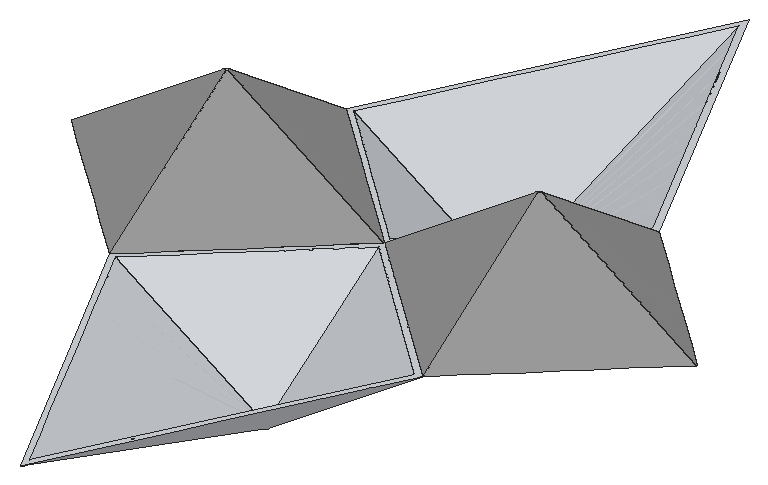
Revit family "CLD-FCT-016_KITE_RTV", category Modelos genéricos, Revit 2022 (continued)
Definition of nested family "CLD-FCT-016_KITE_2_RTV"
  Forms (in)
    Extrusion 208, solid, not visible
      sketch origin (0, 24, 0) x (0, 1, 0) y (0, 0, 1)
        loop
          arc (0.31489, 1.72991) -> (0.32752, 1.69941) -> (0.35803, 1.68677) r 0.04314
          line (0.35803, 1.68677) -> (0.39803, 1.68677)
          arc (0.39803, 1.68677) -> (0.41512, 1.67969) -> (0.42221, 1.66259) r 0.02418
        loop
          arc (0.33294, 1.7291) -> (0.34005, 1.71194) -> (0.35722, 1.70483) r 0.02428
          line (0.35722, 1.70483) -> (0.39815, 1.70483)
          arc (0.39815, 1.70483) -> (0.42797, 1.69248) -> (0.44023, 1.66266) r 0.04217
          arc (0.44023, 1.66266) -> (0.45258, 1.69248) -> (0.4824, 1.70483) r 0.04217
          line (0.4824, 1.70483) -> (0.52333, 1.70483)
          arc (0.52333, 1.70483) -> (0.54049, 1.71194) -> (0.54761, 1.7291) r 0.02428
          line (0.54761, 1.7291) -> (0.54761, 2.15016) -> (0.45704, 2.24072)
          arc (0.45704, 2.24072) -> (0.44027, 2.24767) -> (0.42351, 2.24072) r 0.02371
          line (0.42351, 2.24072) -> (0.33294, 2.15016) -> (0.33294, 1.7291)
      from 0 to 96.9361
    Extrusion 209, solid, not visible
      sketch origin (0, 48, 0) x (0, 1, 0) y (0, 0, 1)
        loop
          line (0.42221, 1.66259) -> (0.42231, 0.67354)
          arc (0.42231, 0.67354) -> (0.41009, 0.64403) -> (0.38057, 0.6318) r 0.04174
          line (0.38057, 0.6318) -> (-0.00639, 0.6318) -> (-0.00639, 0.59057) -> (0.8874, 0.59057) -> (0.8874, 0.6318) -> (0.49998, 0.6318)
          arc (0.49998, 0.6318) -> (0.47046, 0.64403) -> (0.45824, 0.67354) r 0.04174
          line (0.45824, 0.67354) -> (0.45834, 1.66259)
          arc (0.45834, 1.66259) -> (0.46543, 1.67969) -> (0.48252, 1.68677) r 0.02418
          line (0.48252, 1.68677) -> (0.52252, 1.68677)
          arc (0.52252, 1.68677) -> (0.55303, 1.69941) -> (0.56566, 1.72991) r 0.04314
          line (0.56566, 1.72991) -> (0.56566, 2.14095)
          arc (0.56566, 2.14095) -> (0.5626, 2.15637) -> (0.55386, 2.16944) r 0.04029
          line (0.55386, 2.16944) -> (0.47053, 2.25277)
          arc (0.47053, 2.25277) -> (0.44027, 2.2653) -> (0.41002, 2.25277) r 0.04279
          line (0.41002, 2.25277) -> (0.32669, 2.16944)
          arc (0.32669, 2.16944) -> (0.31795, 2.15637) -> (0.31489, 2.14095) r 0.04029
          line (0.31489, 2.14095) -> (0.31489, 1.72991)
          arc (0.31489, 1.72991) -> (0.32752, 1.69941) -> (0.35803, 1.68677) r 0.04314
          line (0.35803, 1.68677) -> (0.39803, 1.68677)
          arc (0.39803, 1.68677) -> (0.41512, 1.67969) -> (0.42221, 1.66259) r 0.02418
        loop
          arc (0.33294, 1.7291) -> (0.34005, 1.71194) -> (0.35722, 1.70483) r 0.02428
          line (0.35722, 1.70483) -> (0.39815, 1.70483)
          arc (0.39815, 1.70483) -> (0.42797, 1.69248) -> (0.44023, 1.66266) r 0.04217
          arc (0.44023, 1.66266) -> (0.45258, 1.69248) -> (0.4824, 1.70483) r 0.04217
          line (0.4824, 1.70483) -> (0.52333, 1.70483)
          arc (0.52333, 1.70483) -> (0.54049, 1.71194) -> (0.54761, 1.7291) r 0.02428
          line (0.54761, 1.7291) -> (0.54761, 2.15016) -> (0.45704, 2.24072)
          arc (0.45704, 2.24072) -> (0.44027, 2.24767) -> (0.42351, 2.24072) r 0.02371
          line (0.42351, 2.24072) -> (0.33294, 2.15016) -> (0.33294, 1.7291)
      from 0 to 96.9361
    Extrusion 210, solid, not visible
      sketch origin (0, 72, 0) x (0, 1, 0) y (0, 0, 1)
        loop
          line (0.42221, 1.66259) -> (0.42231, 0.67354)
          arc (0.42231, 0.67354) -> (0.41009, 0.64403) -> (0.38057, 0.6318) r 0.04174
          line (0.38057, 0.6318) -> (-0.00639, 0.6318) -> (-0.00639, 0.59057) -> (0.8874, 0.59057) -> (0.8874, 0.6318) -> (0.49998, 0.6318)
          arc (0.49998, 0.6318) -> (0.47046, 0.64403) -> (0.45824, 0.67354) r 0.04174
          line (0.45824, 0.67354) -> (0.45834, 1.66259)
          arc (0.45834, 1.66259) -> (0.46543, 1.67969) -> (0.48252, 1.68677) r 0.02418
          line (0.48252, 1.68677) -> (0.52252, 1.68677)
          arc (0.52252, 1.68677) -> (0.55303, 1.69941) -> (0.56566, 1.72991) r 0.04314
          line (0.56566, 1.72991) -> (0.56566, 2.14095)
          arc (0.56566, 2.14095) -> (0.5626, 2.15637) -> (0.55386, 2.16944) r 0.04029
          line (0.55386, 2.16944) -> (0.47053, 2.25277)
          arc (0.47053, 2.25277) -> (0.44027, 2.2653) -> (0.41002, 2.25277) r 0.04279
          line (0.41002, 2.25277) -> (0.32669, 2.16944)
          arc (0.32669, 2.16944) -> (0.31795, 2.15637) -> (0.31489, 2.14095) r 0.04029
          line (0.31489, 2.14095) -> (0.31489, 1.72991)
          arc (0.31489, 1.72991) -> (0.32752, 1.69941) -> (0.35803, 1.68677) r 0.04314
          line (0.35803, 1.68677) -> (0.39803, 1.68677)
          arc (0.39803, 1.68677) -> (0.41512, 1.67969) -> (0.42221, 1.66259) r 0.02418
        loop
          arc (0.33294, 1.7291) -> (0.34005, 1.71194) -> (0.35722, 1.70483) r 0.02428
          line (0.35722, 1.70483) -> (0.39815, 1.70483)
          arc (0.39815, 1.70483) -> (0.42797, 1.69248) -> (0.44023, 1.66266) r 0.04217
          arc (0.44023, 1.66266) -> (0.45258, 1.69248) -> (0.4824, 1.70483) r 0.04217
          line (0.4824, 1.70483) -> (0.52333, 1.70483)
          arc (0.52333, 1.70483) -> (0.54049, 1.71194) -> (0.54761, 1.7291) r 0.02428
          line (0.54761, 1.7291) -> (0.54761, 2.15016) -> (0.45704, 2.24072)
          arc (0.45704, 2.24072) -> (0.44027, 2.24767) -> (0.42351, 2.24072) r 0.02371
          line (0.42351, 2.24072) -> (0.33294, 2.15016) -> (0.33294, 1.7291)
      from 0 to 96.9361
    Extrusion 211, solid, not visible
      sketch origin (0, 96, 0) x (0, 1, 0) y (0, 0, 1)
        loop
          line (0.42221, 1.66259) -> (0.42231, 0.67354)
          arc (0.42231, 0.67354) -> (0.41009, 0.64403) -> (0.38057, 0.6318) r 0.04174
          line (0.38057, 0.6318) -> (-0.00639, 0.6318) -> (-0.00639, 0.59057) -> (0.8874, 0.59057) -> (0.8874, 0.6318) -> (0.49998, 0.6318)
          arc (0.49998, 0.6318) -> (0.47046, 0.64403) -> (0.45824, 0.67354) r 0.04174
          line (0.45824, 0.67354) -> (0.45834, 1.66259)
          arc (0.45834, 1.66259) -> (0.46543, 1.67969) -> (0.48252, 1.68677) r 0.02418
          line (0.48252, 1.68677) -> (0.52252, 1.68677)
          arc (0.52252, 1.68677) -> (0.55303, 1.69941) -> (0.56566, 1.72991) r 0.04314
          line (0.56566, 1.72991) -> (0.56566, 2.14095)
          arc (0.56566, 2.14095) -> (0.5626, 2.15637) -> (0.55386, 2.16944) r 0.04029
          line (0.55386, 2.16944) -> (0.47053, 2.25277)
          arc (0.47053, 2.25277) -> (0.44027, 2.2653) -> (0.41002, 2.25277) r 0.04279
          line (0.41002, 2.25277) -> (0.32669, 2.16944)
          arc (0.32669, 2.16944) -> (0.31795, 2.15637) -> (0.31489, 2.14095) r 0.04029
          line (0.31489, 2.14095) -> (0.31489, 1.72991)
          arc (0.31489, 1.72991) -> (0.32752, 1.69941) -> (0.35803, 1.68677) r 0.04314
          line (0.35803, 1.68677) -> (0.39803, 1.68677)
          arc (0.39803, 1.68677) -> (0.41512, 1.67969) -> (0.42221, 1.66259) r 0.02418
        loop
          arc (0.33294, 1.7291) -> (0.34005, 1.71194) -> (0.35722, 1.70483) r 0.02428
          line (0.35722, 1.70483) -> (0.39815, 1.70483)
          arc (0.39815, 1.70483) -> (0.42797, 1.69248) -> (0.44023, 1.66266) r 0.04217
          arc (0.44023, 1.66266) -> (0.45258, 1.69248) -> (0.4824, 1.70483) r 0.04217
          line (0.4824, 1.70483) -> (0.52333, 1.70483)
          arc (0.52333, 1.70483) -> (0.54049, 1.71194) -> (0.54761, 1.7291) r 0.02428
          line (0.54761, 1.7291) -> (0.54761, 2.15016) -> (0.45704, 2.24072)
          arc (0.45704, 2.24072) -> (0.44027, 2.24767) -> (0.42351, 2.24072) r 0.02371
          line (0.42351, 2.24072) -> (0.33294, 2.15016) -> (0.33294, 1.7291)
      from 0 to 96.9361
    Extrusion 212, solid, not visible
      sketch origin (48.02754, 154.90856, 0) x (1, 0, 0) y (0, 0, 1)
        loop
          line (0.42221, 1.66259) -> (0.42231, 0.67354)
          arc (0.42231, 0.67354) -> (0.41009, 0.64403) -> (0.38057, 0.6318) r 0.04174
          line (0.38057, 0.6318) -> (-0.00639, 0.6318) -> (-0.00639, 0.59057) -> (0.8874, 0.59057) -> (0.8874, 0.6318) -> (0.49998, 0.6318)
          arc (0.49998, 0.6318) -> (0.47046, 0.64403) -> (0.45824, 0.67354) r 0.04174
          line (0.45824, 0.67354) -> (0.45834, 1.66259)
          arc (0.45834, 1.66259) -> (0.46543, 1.67969) -> (0.48252, 1.68677) r 0.02418
          line (0.48252, 1.68677) -> (0.52252, 1.68677)
          arc (0.52252, 1.68677) -> (0.55303, 1.69941) -> (0.56566, 1.72991) r 0.04314
          line (0.56566, 1.72991) -> (0.56566, 2.14095)
          arc (0.56566, 2.14095) -> (0.5626, 2.15637) -> (0.55386, 2.16944) r 0.04029
          line (0.55386, 2.16944) -> (0.47053, 2.25277)
          arc (0.47053, 2.25277) -> (0.44027, 2.2653) -> (0.41002, 2.25277) r 0.04279
          line (0.41002, 2.25277) -> (0.32669, 2.16944)
          arc (0.32669, 2.16944) -> (0.31795, 2.15637) -> (0.31489, 2.14095) r 0.04029
          line (0.31489, 2.14095) -> (0.31489, 1.72991)
          arc (0.31489, 1.72991) -> (0.32752, 1.69941) -> (0.35803, 1.68677) r 0.04314
          line (0.35803, 1.68677) -> (0.39803, 1.68677)
          arc (0.39803, 1.68677) -> (0.41512, 1.67969) -> (0.42221, 1.66259) r 0.02418
        loop
          arc (0.33294, 1.7291) -> (0.34005, 1.71194) -> (0.35722, 1.70483) r 0.02428
          line (0.35722, 1.70483) -> (0.39815, 1.70483)
          arc (0.39815, 1.70483) -> (0.42797, 1.69248) -> (0.44023, 1.66266) r 0.04217
          arc (0.44023, 1.66266) -> (0.45258, 1.69248) -> (0.4824, 1.70483) r 0.04217
          line (0.4824, 1.70483) -> (0.52333, 1.70483)
          arc (0.52333, 1.70483) -> (0.54049, 1.71194) -> (0.54761, 1.7291) r 0.02428
          line (0.54761, 1.7291) -> (0.54761, 2.15016) -> (0.45704, 2.24072)
          arc (0.45704, 2.24072) -> (0.44027, 2.24767) -> (0.42351, 2.24072) r 0.02371
          line (0.42351, 2.24072) -> (0.33294, 2.15016) -> (0.33294, 1.7291)
      from 58.93614 to 81.99864
    Extrusion 213, solid, not visible
      sketch origin (72.02767, 154.90856, 0) x (1, 0, 0) y (0, 0, 1)
        loop
          line (0.42221, 1.66259) -> (0.42231, 0.67354)
          arc (0.42231, 0.67354) -> (0.41009, 0.64403) -> (0.38057, 0.6318) r 0.04174
          line (0.38057, 0.6318) -> (-0.00639, 0.6318) -> (-0.00639, 0.59057) -> (0.8874, 0.59057) -> (0.8874, 0.6318) -> (0.49998, 0.6318)
          arc (0.49998, 0.6318) -> (0.47046, 0.64403) -> (0.45824, 0.67354) r 0.04174
          line (0.45824, 0.67354) -> (0.45834, 1.66259)
          arc (0.45834, 1.66259) -> (0.46543, 1.67969) -> (0.48252, 1.68677) r 0.02418
          line (0.48252, 1.68677) -> (0.52252, 1.68677)
          arc (0.52252, 1.68677) -> (0.55303, 1.69941) -> (0.56566, 1.72991) r 0.04314
          line (0.56566, 1.72991) -> (0.56566, 2.14095)
          arc (0.56566, 2.14095) -> (0.5626, 2.15637) -> (0.55386, 2.16944) r 0.04029
          line (0.55386, 2.16944) -> (0.47053, 2.25277)
          arc (0.47053, 2.25277) -> (0.44027, 2.2653) -> (0.41002, 2.25277) r 0.04279
          line (0.41002, 2.25277) -> (0.32669, 2.16944)
          arc (0.32669, 2.16944) -> (0.31795, 2.15637) -> (0.31489, 2.14095) r 0.04029
          line (0.31489, 2.14095) -> (0.31489, 1.72991)
          arc (0.31489, 1.72991) -> (0.32752, 1.69941) -> (0.35803, 1.68677) r 0.04314
          line (0.35803, 1.68677) -> (0.39803, 1.68677)
          arc (0.39803, 1.68677) -> (0.41512, 1.67969) -> (0.42221, 1.66259) r 0.02418
        loop
          arc (0.33294, 1.7291) -> (0.34005, 1.71194) -> (0.35722, 1.70483) r 0.02428
          line (0.35722, 1.70483) -> (0.39815, 1.70483)
          arc (0.39815, 1.70483) -> (0.42797, 1.69248) -> (0.44023, 1.66266) r 0.04217
          arc (0.44023, 1.66266) -> (0.45258, 1.69248) -> (0.4824, 1.70483) r 0.04217
          line (0.4824, 1.70483) -> (0.52333, 1.70483)
          arc (0.52333, 1.70483) -> (0.54049, 1.71194) -> (0.54761, 1.7291) r 0.02428
          line (0.54761, 1.7291) -> (0.54761, 2.15016) -> (0.45704, 2.24072)
          arc (0.45704, 2.24072) -> (0.44027, 2.24767) -> (0.42351, 2.24072) r 0.02371
          line (0.42351, 2.24072) -> (0.33294, 2.15016) -> (0.33294, 1.7291)
      from 58.93614 to 81.99864
    Extrusion 214, solid, not visible
      sketch origin (96.02767, 154.90856, 0) x (1, 0, 0) y (0, 0, 1)
        loop
          line (0.42221, 1.66259) -> (0.42231, 0.67354)
          arc (0.42231, 0.67354) -> (0.41009, 0.64403) -> (0.38057, 0.6318) r 0.04174
          line (0.38057, 0.6318) -> (-0.00639, 0.6318) -> (-0.00639, 0.59057) -> (0.8874, 0.59057) -> (0.8874, 0.6318) -> (0.49998, 0.6318)
          arc (0.49998, 0.6318) -> (0.47046, 0.64403) -> (0.45824, 0.67354) r 0.04174
          line (0.45824, 0.67354) -> (0.45834, 1.66259)
          arc (0.45834, 1.66259) -> (0.46543, 1.67969) -> (0.48252, 1.68677) r 0.02418
          line (0.48252, 1.68677) -> (0.52252, 1.68677)
          arc (0.52252, 1.68677) -> (0.55303, 1.69941) -> (0.56566, 1.72991) r 0.04314
          line (0.56566, 1.72991) -> (0.56566, 2.14095)
          arc (0.56566, 2.14095) -> (0.5626, 2.15637) -> (0.55386, 2.16944) r 0.04029
          line (0.55386, 2.16944) -> (0.47053, 2.25277)
          arc (0.47053, 2.25277) -> (0.44027, 2.2653) -> (0.41002, 2.25277) r 0.04279
          line (0.41002, 2.25277) -> (0.32669, 2.16944)
          arc (0.32669, 2.16944) -> (0.31795, 2.15637) -> (0.31489, 2.14095) r 0.04029
          line (0.31489, 2.14095) -> (0.31489, 1.72991)
          arc (0.31489, 1.72991) -> (0.32752, 1.69941) -> (0.35803, 1.68677) r 0.04314
          line (0.35803, 1.68677) -> (0.39803, 1.68677)
          arc (0.39803, 1.68677) -> (0.41512, 1.67969) -> (0.42221, 1.66259) r 0.02418
        loop
          arc (0.33294, 1.7291) -> (0.34005, 1.71194) -> (0.35722, 1.70483) r 0.02428
          line (0.35722, 1.70483) -> (0.39815, 1.70483)
          arc (0.39815, 1.70483) -> (0.42797, 1.69248) -> (0.44023, 1.66266) r 0.04217
          arc (0.44023, 1.66266) -> (0.45258, 1.69248) -> (0.4824, 1.70483) r 0.04217
          line (0.4824, 1.70483) -> (0.52333, 1.70483)
          arc (0.52333, 1.70483) -> (0.54049, 1.71194) -> (0.54761, 1.7291) r 0.02428
          line (0.54761, 1.7291) -> (0.54761, 2.15016) -> (0.45704, 2.24072)
          arc (0.45704, 2.24072) -> (0.44027, 2.24767) -> (0.42351, 2.24072) r 0.02371
          line (0.42351, 2.24072) -> (0.33294, 2.15016) -> (0.33294, 1.7291)
      from 58.93614 to 81.99864
    Extrusion 215, solid, not visible
      sketch origin (24.02767, 154.90856, 0) x (1, 0, 0) y (0, 0, 1)
        loop
          line (0.42221, 1.66259) -> (0.42231, 0.67354)
          arc (0.42231, 0.67354) -> (0.41009, 0.64403) -> (0.38057, 0.6318) r 0.04174
          line (0.38057, 0.6318) -> (-0.00639, 0.6318) -> (-0.00639, 0.59057) -> (0.8874, 0.59057) -> (0.8874, 0.6318) -> (0.49998, 0.6318)
          arc (0.49998, 0.6318) -> (0.47046, 0.64403) -> (0.45824, 0.67354) r 0.04174
          line (0.45824, 0.67354) -> (0.45834, 1.66259)
          arc (0.45834, 1.66259) -> (0.46543, 1.67969) -> (0.48252, 1.68677) r 0.02418
          line (0.48252, 1.68677) -> (0.52252, 1.68677)
          arc (0.52252, 1.68677) -> (0.55303, 1.69941) -> (0.56566, 1.72991) r 0.04314
          line (0.56566, 1.72991) -> (0.56566, 2.14095)
          arc (0.56566, 2.14095) -> (0.5626, 2.15637) -> (0.55386, 2.16944) r 0.04029
          line (0.55386, 2.16944) -> (0.47053, 2.25277)
          arc (0.47053, 2.25277) -> (0.44027, 2.2653) -> (0.41002, 2.25277) r 0.04279
          line (0.41002, 2.25277) -> (0.32669, 2.16944)
          arc (0.32669, 2.16944) -> (0.31795, 2.15637) -> (0.31489, 2.14095) r 0.04029
          line (0.31489, 2.14095) -> (0.31489, 1.72991)
          arc (0.31489, 1.72991) -> (0.32752, 1.69941) -> (0.35803, 1.68677) r 0.04314
          line (0.35803, 1.68677) -> (0.39803, 1.68677)
          arc (0.39803, 1.68677) -> (0.41512, 1.67969) -> (0.42221, 1.66259) r 0.02418
        loop
          arc (0.33294, 1.7291) -> (0.34005, 1.71194) -> (0.35722, 1.70483) r 0.02428
          line (0.35722, 1.70483) -> (0.39815, 1.70483)
          arc (0.39815, 1.70483) -> (0.42797, 1.69248) -> (0.44023, 1.66266) r 0.04217
          arc (0.44023, 1.66266) -> (0.45258, 1.69248) -> (0.4824, 1.70483) r 0.04217
          line (0.4824, 1.70483) -> (0.52333, 1.70483)
          arc (0.52333, 1.70483) -> (0.54049, 1.71194) -> (0.54761, 1.7291) r 0.02428
          line (0.54761, 1.7291) -> (0.54761, 2.15016) -> (0.45704, 2.24072)
          arc (0.45704, 2.24072) -> (0.44027, 2.24767) -> (0.42351, 2.24072) r 0.02371
          line (0.42351, 2.24072) -> (0.33294, 2.15016) -> (0.33294, 1.7291)
      from 58.93614 to 81.99864
    Extrusion 216, solid, not visible
      sketch origin (0.02767, 154.90856, 0) x (1, 0, 0) y (0, 0, 1)
        loop
          line (0.42221, 1.66259) -> (0.42231, 0.67354)
          arc (0.42231, 0.67354) -> (0.41009, 0.64403) -> (0.38057, 0.6318) r 0.04174
          line (0.38057, 0.6318) -> (-0.00639, 0.6318) -> (-0.00639, 0.59057) -> (0.8874, 0.59057) -> (0.8874, 0.6318) -> (0.49998, 0.6318)
          arc (0.49998, 0.6318) -> (0.47046, 0.64403) -> (0.45824, 0.67354) r 0.04174
          line (0.45824, 0.67354) -> (0.45834, 1.66259)
          arc (0.45834, 1.66259) -> (0.46543, 1.67969) -> (0.48252, 1.68677) r 0.02418
          line (0.48252, 1.68677) -> (0.52252, 1.68677)
          arc (0.52252, 1.68677) -> (0.55303, 1.69941) -> (0.56566, 1.72991) r 0.04314
          line (0.56566, 1.72991) -> (0.56566, 2.14095)
          arc (0.56566, 2.14095) -> (0.5626, 2.15637) -> (0.55386, 2.16944) r 0.04029
          line (0.55386, 2.16944) -> (0.47053, 2.25277)
          arc (0.47053, 2.25277) -> (0.44027, 2.2653) -> (0.41002, 2.25277) r 0.04279
          line (0.41002, 2.25277) -> (0.32669, 2.16944)
          arc (0.32669, 2.16944) -> (0.31795, 2.15637) -> (0.31489, 2.14095) r 0.04029
          line (0.31489, 2.14095) -> (0.31489, 1.72991)
          arc (0.31489, 1.72991) -> (0.32752, 1.69941) -> (0.35803, 1.68677) r 0.04314
          line (0.35803, 1.68677) -> (0.39803, 1.68677)
          arc (0.39803, 1.68677) -> (0.41512, 1.67969) -> (0.42221, 1.66259) r 0.02418
        loop
          arc (0.33294, 1.7291) -> (0.34005, 1.71194) -> (0.35722, 1.70483) r 0.02428
          line (0.35722, 1.70483) -> (0.39815, 1.70483)
          arc (0.39815, 1.70483) -> (0.42797, 1.69248) -> (0.44023, 1.66266) r 0.04217
          arc (0.44023, 1.66266) -> (0.45258, 1.69248) -> (0.4824, 1.70483) r 0.04217
          line (0.4824, 1.70483) -> (0.52333, 1.70483)
          arc (0.52333, 1.70483) -> (0.54049, 1.71194) -> (0.54761, 1.7291) r 0.02428
          line (0.54761, 1.7291) -> (0.54761, 2.15016) -> (0.45704, 2.24072)
          arc (0.45704, 2.24072) -> (0.44027, 2.24767) -> (0.42351, 2.24072) r 0.02371
          line (0.42351, 2.24072) -> (0.33294, 2.15016) -> (0.33294, 1.7291)
      from 58.93614 to 81.99864
    Extrusion 217, solid, not visible
      sketch origin (48.02754, 130.90855, 0) x (1, 0, 0) y (0, 0, 1)
        loop
          line (0.42221, 1.66259) -> (0.42231, 0.67354)
          arc (0.42231, 0.67354) -> (0.41009, 0.64403) -> (0.38057, 0.6318) r 0.04174
          line (0.38057, 0.6318) -> (-0.00639, 0.6318) -> (-0.00639, 0.59057) -> (0.8874, 0.59057) -> (0.8874, 0.6318) -> (0.49998, 0.6318)
          arc (0.49998, 0.6318) -> (0.47046, 0.64403) -> (0.45824, 0.67354) r 0.04174
          line (0.45824, 0.67354) -> (0.45834, 1.66259)
          arc (0.45834, 1.66259) -> (0.46543, 1.67969) -> (0.48252, 1.68677) r 0.02418
          line (0.48252, 1.68677) -> (0.52252, 1.68677)
          arc (0.52252, 1.68677) -> (0.55303, 1.69941) -> (0.56566, 1.72991) r 0.04314
          line (0.56566, 1.72991) -> (0.56566, 2.14095)
          arc (0.56566, 2.14095) -> (0.5626, 2.15637) -> (0.55386, 2.16944) r 0.04029
          line (0.55386, 2.16944) -> (0.47053, 2.25277)
          arc (0.47053, 2.25277) -> (0.44027, 2.2653) -> (0.41002, 2.25277) r 0.04279
          line (0.41002, 2.25277) -> (0.32669, 2.16944)
          arc (0.32669, 2.16944) -> (0.31795, 2.15637) -> (0.31489, 2.14095) r 0.04029
          line (0.31489, 2.14095) -> (0.31489, 1.72991)
          arc (0.31489, 1.72991) -> (0.32752, 1.69941) -> (0.35803, 1.68677) r 0.04314
          line (0.35803, 1.68677) -> (0.39803, 1.68677)
          arc (0.39803, 1.68677) -> (0.41512, 1.67969) -> (0.42221, 1.66259) r 0.02418
        loop
          arc (0.33294, 1.7291) -> (0.34005, 1.71194) -> (0.35722, 1.70483) r 0.02428
          line (0.35722, 1.70483) -> (0.39815, 1.70483)
          arc (0.39815, 1.70483) -> (0.42797, 1.69248) -> (0.44023, 1.66266) r 0.04217
          arc (0.44023, 1.66266) -> (0.45258, 1.69248) -> (0.4824, 1.70483) r 0.04217
          line (0.4824, 1.70483) -> (0.52333, 1.70483)
          arc (0.52333, 1.70483) -> (0.54049, 1.71194) -> (0.54761, 1.7291) r 0.02428
          line (0.54761, 1.7291) -> (0.54761, 2.15016) -> (0.45704, 2.24072)
          arc (0.45704, 2.24072) -> (0.44027, 2.24767) -> (0.42351, 2.24072) r 0.02371
          line (0.42351, 2.24072) -> (0.33294, 2.15016) -> (0.33294, 1.7291)
      from 58.93614 to 81.99864
    Extrusion 218, solid, not visible
      sketch origin (72.02767, 130.90855, 0) x (1, 0, 0) y (0, 0, 1)
        loop
          line (0.42221, 1.66259) -> (0.42231, 0.67354)
          arc (0.42231, 0.67354) -> (0.41009, 0.64403) -> (0.38057, 0.6318) r 0.04174
          line (0.38057, 0.6318) -> (-0.00639, 0.6318) -> (-0.00639, 0.59057) -> (0.8874, 0.59057) -> (0.8874, 0.6318) -> (0.49998, 0.6318)
          arc (0.49998, 0.6318) -> (0.47046, 0.64403) -> (0.45824, 0.67354) r 0.04174
          line (0.45824, 0.67354) -> (0.45834, 1.66259)
          arc (0.45834, 1.66259) -> (0.46543, 1.67969) -> (0.48252, 1.68677) r 0.02418
          line (0.48252, 1.68677) -> (0.52252, 1.68677)
          arc (0.52252, 1.68677) -> (0.55303, 1.69941) -> (0.56566, 1.72991) r 0.04314
          line (0.56566, 1.72991) -> (0.56566, 2.14095)
          arc (0.56566, 2.14095) -> (0.5626, 2.15637) -> (0.55386, 2.16944) r 0.04029
          line (0.55386, 2.16944) -> (0.47053, 2.25277)
          arc (0.47053, 2.25277) -> (0.44027, 2.2653) -> (0.41002, 2.25277) r 0.04279
          line (0.41002, 2.25277) -> (0.32669, 2.16944)
          arc (0.32669, 2.16944) -> (0.31795, 2.15637) -> (0.31489, 2.14095) r 0.04029
          line (0.31489, 2.14095) -> (0.31489, 1.72991)
          arc (0.31489, 1.72991) -> (0.32752, 1.69941) -> (0.35803, 1.68677) r 0.04314
          line (0.35803, 1.68677) -> (0.39803, 1.68677)
          arc (0.39803, 1.68677) -> (0.41512, 1.67969) -> (0.42221, 1.66259) r 0.02418
        loop
          arc (0.33294, 1.7291) -> (0.34005, 1.71194) -> (0.35722, 1.70483) r 0.02428
          line (0.35722, 1.70483) -> (0.39815, 1.70483)
          arc (0.39815, 1.70483) -> (0.42797, 1.69248) -> (0.44023, 1.66266) r 0.04217
          arc (0.44023, 1.66266) -> (0.45258, 1.69248) -> (0.4824, 1.70483) r 0.04217
          line (0.4824, 1.70483) -> (0.52333, 1.70483)
          arc (0.52333, 1.70483) -> (0.54049, 1.71194) -> (0.54761, 1.7291) r 0.02428
          line (0.54761, 1.7291) -> (0.54761, 2.15016) -> (0.45704, 2.24072)
          arc (0.45704, 2.24072) -> (0.44027, 2.24767) -> (0.42351, 2.24072) r 0.02371
          line (0.42351, 2.24072) -> (0.33294, 2.15016) -> (0.33294, 1.7291)
      from 58.93614 to 81.99864
    Extrusion 219, solid, not visible
      sketch origin (96.02767, 130.90855, 0) x (1, 0, 0) y (0, 0, 1)
        loop
          line (0.42221, 1.66259) -> (0.42231, 0.67354)
          arc (0.42231, 0.67354) -> (0.41009, 0.64403) -> (0.38057, 0.6318) r 0.04174
          line (0.38057, 0.6318) -> (-0.00639, 0.6318) -> (-0.00639, 0.59057) -> (0.8874, 0.59057) -> (0.8874, 0.6318) -> (0.49998, 0.6318)
          arc (0.49998, 0.6318) -> (0.47046, 0.64403) -> (0.45824, 0.67354) r 0.04174
          line (0.45824, 0.67354) -> (0.45834, 1.66259)
          arc (0.45834, 1.66259) -> (0.46543, 1.67969) -> (0.48252, 1.68677) r 0.02418
          line (0.48252, 1.68677) -> (0.52252, 1.68677)
          arc (0.52252, 1.68677) -> (0.55303, 1.69941) -> (0.56566, 1.72991) r 0.04314
          line (0.56566, 1.72991) -> (0.56566, 2.14095)
          arc (0.56566, 2.14095) -> (0.5626, 2.15637) -> (0.55386, 2.16944) r 0.04029
          line (0.55386, 2.16944) -> (0.47053, 2.25277)
          arc (0.47053, 2.25277) -> (0.44027, 2.2653) -> (0.41002, 2.25277) r 0.04279
          line (0.41002, 2.25277) -> (0.32669, 2.16944)
          arc (0.32669, 2.16944) -> (0.31795, 2.15637) -> (0.31489, 2.14095) r 0.04029
          line (0.31489, 2.14095) -> (0.31489, 1.72991)
          arc (0.31489, 1.72991) -> (0.32752, 1.69941) -> (0.35803, 1.68677) r 0.04314
          line (0.35803, 1.68677) -> (0.39803, 1.68677)
          arc (0.39803, 1.68677) -> (0.41512, 1.67969) -> (0.42221, 1.66259) r 0.02418
        loop
          arc (0.33294, 1.7291) -> (0.34005, 1.71194) -> (0.35722, 1.70483) r 0.02428
          line (0.35722, 1.70483) -> (0.39815, 1.70483)
          arc (0.39815, 1.70483) -> (0.42797, 1.69248) -> (0.44023, 1.66266) r 0.04217
          arc (0.44023, 1.66266) -> (0.45258, 1.69248) -> (0.4824, 1.70483) r 0.04217
          line (0.4824, 1.70483) -> (0.52333, 1.70483)
          arc (0.52333, 1.70483) -> (0.54049, 1.71194) -> (0.54761, 1.7291) r 0.02428
          line (0.54761, 1.7291) -> (0.54761, 2.15016) -> (0.45704, 2.24072)
          arc (0.45704, 2.24072) -> (0.44027, 2.24767) -> (0.42351, 2.24072) r 0.02371
          line (0.42351, 2.24072) -> (0.33294, 2.15016) -> (0.33294, 1.7291)
      from 58.93614 to 81.99864
    Extrusion 220, solid, not visible
      sketch origin (24.02767, 130.90855, 0) x (1, 0, 0) y (0, 0, 1)
        loop
          line (0.42221, 1.66259) -> (0.42231, 0.67354)
          arc (0.42231, 0.67354) -> (0.41009, 0.64403) -> (0.38057, 0.6318) r 0.04174
          line (0.38057, 0.6318) -> (-0.00639, 0.6318) -> (-0.00639, 0.59057) -> (0.8874, 0.59057) -> (0.8874, 0.6318) -> (0.49998, 0.6318)
          arc (0.49998, 0.6318) -> (0.47046, 0.64403) -> (0.45824, 0.67354) r 0.04174
          line (0.45824, 0.67354) -> (0.45834, 1.66259)
          arc (0.45834, 1.66259) -> (0.46543, 1.67969) -> (0.48252, 1.68677) r 0.02418
          line (0.48252, 1.68677) -> (0.52252, 1.68677)
          arc (0.52252, 1.68677) -> (0.55303, 1.69941) -> (0.56566, 1.72991) r 0.04314
          line (0.56566, 1.72991) -> (0.56566, 2.14095)
          arc (0.56566, 2.14095) -> (0.5626, 2.15637) -> (0.55386, 2.16944) r 0.04029
          line (0.55386, 2.16944) -> (0.47053, 2.25277)
          arc (0.47053, 2.25277) -> (0.44027, 2.2653) -> (0.41002, 2.25277) r 0.04279
          line (0.41002, 2.25277) -> (0.32669, 2.16944)
          arc (0.32669, 2.16944) -> (0.31795, 2.15637) -> (0.31489, 2.14095) r 0.04029
          line (0.31489, 2.14095) -> (0.31489, 1.72991)
          arc (0.31489, 1.72991) -> (0.32752, 1.69941) -> (0.35803, 1.68677) r 0.04314
          line (0.35803, 1.68677) -> (0.39803, 1.68677)
          arc (0.39803, 1.68677) -> (0.41512, 1.67969) -> (0.42221, 1.66259) r 0.02418
        loop
          arc (0.33294, 1.7291) -> (0.34005, 1.71194) -> (0.35722, 1.70483) r 0.02428
          line (0.35722, 1.70483) -> (0.39815, 1.70483)
          arc (0.39815, 1.70483) -> (0.42797, 1.69248) -> (0.44023, 1.66266) r 0.04217
          arc (0.44023, 1.66266) -> (0.45258, 1.69248) -> (0.4824, 1.70483) r 0.04217
          line (0.4824, 1.70483) -> (0.52333, 1.70483)
          arc (0.52333, 1.70483) -> (0.54049, 1.71194) -> (0.54761, 1.7291) r 0.02428
          line (0.54761, 1.7291) -> (0.54761, 2.15016) -> (0.45704, 2.24072)
          arc (0.45704, 2.24072) -> (0.44027, 2.24767) -> (0.42351, 2.24072) r 0.02371
          line (0.42351, 2.24072) -> (0.33294, 2.15016) -> (0.33294, 1.7291)
      from 58.93614 to 81.99864
    Extrusion 221, solid, not visible
      sketch origin (0.02767, 130.90855, 0) x (1, 0, 0) y (0, 0, 1)
        loop
          line (0.42221, 1.66259) -> (0.42231, 0.67354)
          arc (0.42231, 0.67354) -> (0.41009, 0.64403) -> (0.38057, 0.6318) r 0.04174
          line (0.38057, 0.6318) -> (-0.00639, 0.6318) -> (-0.00639, 0.59057) -> (0.8874, 0.59057) -> (0.8874, 0.6318) -> (0.49998, 0.6318)
          arc (0.49998, 0.6318) -> (0.47046, 0.64403) -> (0.45824, 0.67354) r 0.04174
          line (0.45824, 0.67354) -> (0.45834, 1.66259)
          arc (0.45834, 1.66259) -> (0.46543, 1.67969) -> (0.48252, 1.68677) r 0.02418
          line (0.48252, 1.68677) -> (0.52252, 1.68677)
          arc (0.52252, 1.68677) -> (0.55303, 1.69941) -> (0.56566, 1.72991) r 0.04314
          line (0.56566, 1.72991) -> (0.56566, 2.14095)
          arc (0.56566, 2.14095) -> (0.5626, 2.15637) -> (0.55386, 2.16944) r 0.04029
          line (0.55386, 2.16944) -> (0.47053, 2.25277)
          arc (0.47053, 2.25277) -> (0.44027, 2.2653) -> (0.41002, 2.25277) r 0.04279
          line (0.41002, 2.25277) -> (0.32669, 2.16944)
          arc (0.32669, 2.16944) -> (0.31795, 2.15637) -> (0.31489, 2.14095) r 0.04029
          line (0.31489, 2.14095) -> (0.31489, 1.72991)
          arc (0.31489, 1.72991) -> (0.32752, 1.69941) -> (0.35803, 1.68677) r 0.04314
          line (0.35803, 1.68677) -> (0.39803, 1.68677)
          arc (0.39803, 1.68677) -> (0.41512, 1.67969) -> (0.42221, 1.66259) r 0.02418
        loop
          arc (0.33294, 1.7291) -> (0.34005, 1.71194) -> (0.35722, 1.70483) r 0.02428
          line (0.35722, 1.70483) -> (0.39815, 1.70483)
          arc (0.39815, 1.70483) -> (0.42797, 1.69248) -> (0.44023, 1.66266) r 0.04217
          arc (0.44023, 1.66266) -> (0.45258, 1.69248) -> (0.4824, 1.70483) r 0.04217
          line (0.4824, 1.70483) -> (0.52333, 1.70483)
          arc (0.52333, 1.70483) -> (0.54049, 1.71194) -> (0.54761, 1.7291) r 0.02428
          line (0.54761, 1.7291) -> (0.54761, 2.15016) -> (0.45704, 2.24072)
          arc (0.45704, 2.24072) -> (0.44027, 2.24767) -> (0.42351, 2.24072) r 0.02371
          line (0.42351, 2.24072) -> (0.33294, 2.15016) -> (0.33294, 1.7291)
      from 58.93614 to 81.99864
    Extrusion 222, solid, not visible
      sketch origin (48.02754, 106.90856, 0) x (1, 0, 0) y (0, 0, 1)
        loop
          line (0.42221, 1.66259) -> (0.42231, 0.67354)
          arc (0.42231, 0.67354) -> (0.41009, 0.64403) -> (0.38057, 0.6318) r 0.04174
          line (0.38057, 0.6318) -> (-0.00639, 0.6318) -> (-0.00639, 0.59057) -> (0.8874, 0.59057) -> (0.8874, 0.6318) -> (0.49998, 0.6318)
          arc (0.49998, 0.6318) -> (0.47046, 0.64403) -> (0.45824, 0.67354) r 0.04174
          line (0.45824, 0.67354) -> (0.45834, 1.66259)
          arc (0.45834, 1.66259) -> (0.46543, 1.67969) -> (0.48252, 1.68677) r 0.02418
          line (0.48252, 1.68677) -> (0.52252, 1.68677)
          arc (0.52252, 1.68677) -> (0.55303, 1.69941) -> (0.56566, 1.72991) r 0.04314
          line (0.56566, 1.72991) -> (0.56566, 2.14095)
          arc (0.56566, 2.14095) -> (0.5626, 2.15637) -> (0.55386, 2.16944) r 0.04029
          line (0.55386, 2.16944) -> (0.47053, 2.25277)
          arc (0.47053, 2.25277) -> (0.44027, 2.2653) -> (0.41002, 2.25277) r 0.04279
          line (0.41002, 2.25277) -> (0.32669, 2.16944)
          arc (0.32669, 2.16944) -> (0.31795, 2.15637) -> (0.31489, 2.14095) r 0.04029
          line (0.31489, 2.14095) -> (0.31489, 1.72991)
          arc (0.31489, 1.72991) -> (0.32752, 1.69941) -> (0.35803, 1.68677) r 0.04314
          line (0.35803, 1.68677) -> (0.39803, 1.68677)
          arc (0.39803, 1.68677) -> (0.41512, 1.67969) -> (0.42221, 1.66259) r 0.02418
        loop
          arc (0.33294, 1.7291) -> (0.34005, 1.71194) -> (0.35722, 1.70483) r 0.02428
          line (0.35722, 1.70483) -> (0.39815, 1.70483)
          arc (0.39815, 1.70483) -> (0.42797, 1.69248) -> (0.44023, 1.66266) r 0.04217
          arc (0.44023, 1.66266) -> (0.45258, 1.69248) -> (0.4824, 1.70483) r 0.04217
          line (0.4824, 1.70483) -> (0.52333, 1.70483)
          arc (0.52333, 1.70483) -> (0.54049, 1.71194) -> (0.54761, 1.7291) r 0.02428
          line (0.54761, 1.7291) -> (0.54761, 2.15016) -> (0.45704, 2.24072)
          arc (0.45704, 2.24072) -> (0.44027, 2.24767) -> (0.42351, 2.24072) r 0.02371
          line (0.42351, 2.24072) -> (0.33294, 2.15016) -> (0.33294, 1.7291)
      from 58.93614 to 81.99864
    Extrusion 223, solid, not visible
      sketch origin (72.02767, 106.90856, 0) x (1, 0, 0) y (0, 0, 1)
        loop
          line (0.42221, 1.66259) -> (0.42231, 0.67354)
          arc (0.42231, 0.67354) -> (0.41009, 0.64403) -> (0.38057, 0.6318) r 0.04174
          line (0.38057, 0.6318) -> (-0.00639, 0.6318) -> (-0.00639, 0.59057) -> (0.8874, 0.59057) -> (0.8874, 0.6318) -> (0.49998, 0.6318)
          arc (0.49998, 0.6318) -> (0.47046, 0.64403) -> (0.45824, 0.67354) r 0.04174
          line (0.45824, 0.67354) -> (0.45834, 1.66259)
          arc (0.45834, 1.66259) -> (0.46543, 1.67969) -> (0.48252, 1.68677) r 0.02418
          line (0.48252, 1.68677) -> (0.52252, 1.68677)
          arc (0.52252, 1.68677) -> (0.55303, 1.69941) -> (0.56566, 1.72991) r 0.04314
          line (0.56566, 1.72991) -> (0.56566, 2.14095)
          arc (0.56566, 2.14095) -> (0.5626, 2.15637) -> (0.55386, 2.16944) r 0.04029
          line (0.55386, 2.16944) -> (0.47053, 2.25277)
          arc (0.47053, 2.25277) -> (0.44027, 2.2653) -> (0.41002, 2.25277) r 0.04279
          line (0.41002, 2.25277) -> (0.32669, 2.16944)
          arc (0.32669, 2.16944) -> (0.31795, 2.15637) -> (0.31489, 2.14095) r 0.04029
          line (0.31489, 2.14095) -> (0.31489, 1.72991)
          arc (0.31489, 1.72991) -> (0.32752, 1.69941) -> (0.35803, 1.68677) r 0.04314
          line (0.35803, 1.68677) -> (0.39803, 1.68677)
          arc (0.39803, 1.68677) -> (0.41512, 1.67969) -> (0.42221, 1.66259) r 0.02418
        loop
          arc (0.33294, 1.7291) -> (0.34005, 1.71194) -> (0.35722, 1.70483) r 0.02428
          line (0.35722, 1.70483) -> (0.39815, 1.70483)
          arc (0.39815, 1.70483) -> (0.42797, 1.69248) -> (0.44023, 1.66266) r 0.04217
          arc (0.44023, 1.66266) -> (0.45258, 1.69248) -> (0.4824, 1.70483) r 0.04217
          line (0.4824, 1.70483) -> (0.52333, 1.70483)
          arc (0.52333, 1.70483) -> (0.54049, 1.71194) -> (0.54761, 1.7291) r 0.02428
          line (0.54761, 1.7291) -> (0.54761, 2.15016) -> (0.45704, 2.24072)
          arc (0.45704, 2.24072) -> (0.44027, 2.24767) -> (0.42351, 2.24072) r 0.02371
          line (0.42351, 2.24072) -> (0.33294, 2.15016) -> (0.33294, 1.7291)
      from 58.93614 to 81.99864
    Extrusion 224, solid, not visible
      sketch origin (96.02767, 106.90856, 0) x (1, 0, 0) y (0, 0, 1)
        loop
          line (0.42221, 1.66259) -> (0.42231, 0.67354)
          arc (0.42231, 0.67354) -> (0.41009, 0.64403) -> (0.38057, 0.6318) r 0.04174
          line (0.38057, 0.6318) -> (-0.00639, 0.6318) -> (-0.00639, 0.59057) -> (0.8874, 0.59057) -> (0.8874, 0.6318) -> (0.49998, 0.6318)
          arc (0.49998, 0.6318) -> (0.47046, 0.64403) -> (0.45824, 0.67354) r 0.04174
          line (0.45824, 0.67354) -> (0.45834, 1.66259)
          arc (0.45834, 1.66259) -> (0.46543, 1.67969) -> (0.48252, 1.68677) r 0.02418
          line (0.48252, 1.68677) -> (0.52252, 1.68677)
          arc (0.52252, 1.68677) -> (0.55303, 1.69941) -> (0.56566, 1.72991) r 0.04314
          line (0.56566, 1.72991) -> (0.56566, 2.14095)
          arc (0.56566, 2.14095) -> (0.5626, 2.15637) -> (0.55386, 2.16944) r 0.04029
          line (0.55386, 2.16944) -> (0.47053, 2.25277)
          arc (0.47053, 2.25277) -> (0.44027, 2.2653) -> (0.41002, 2.25277) r 0.04279
          line (0.41002, 2.25277) -> (0.32669, 2.16944)
          arc (0.32669, 2.16944) -> (0.31795, 2.15637) -> (0.31489, 2.14095) r 0.04029
          line (0.31489, 2.14095) -> (0.31489, 1.72991)
          arc (0.31489, 1.72991) -> (0.32752, 1.69941) -> (0.35803, 1.68677) r 0.04314
          line (0.35803, 1.68677) -> (0.39803, 1.68677)
          arc (0.39803, 1.68677) -> (0.41512, 1.67969) -> (0.42221, 1.66259) r 0.02418
        loop
          arc (0.33294, 1.7291) -> (0.34005, 1.71194) -> (0.35722, 1.70483) r 0.02428
          line (0.35722, 1.70483) -> (0.39815, 1.70483)
          arc (0.39815, 1.70483) -> (0.42797, 1.69248) -> (0.44023, 1.66266) r 0.04217
          arc (0.44023, 1.66266) -> (0.45258, 1.69248) -> (0.4824, 1.70483) r 0.04217
          line (0.4824, 1.70483) -> (0.52333, 1.70483)
          arc (0.52333, 1.70483) -> (0.54049, 1.71194) -> (0.54761, 1.7291) r 0.02428
          line (0.54761, 1.7291) -> (0.54761, 2.15016) -> (0.45704, 2.24072)
          arc (0.45704, 2.24072) -> (0.44027, 2.24767) -> (0.42351, 2.24072) r 0.02371
          line (0.42351, 2.24072) -> (0.33294, 2.15016) -> (0.33294, 1.7291)
      from 58.93614 to 81.99864
    Extrusion 225, solid, not visible
      sketch origin (24.02767, 106.90856, 0) x (1, 0, 0) y (0, 0, 1)
        loop
          line (0.42221, 1.66259) -> (0.42231, 0.67354)
          arc (0.42231, 0.67354) -> (0.41009, 0.64403) -> (0.38057, 0.6318) r 0.04174
          line (0.38057, 0.6318) -> (-0.00639, 0.6318) -> (-0.00639, 0.59057) -> (0.8874, 0.59057) -> (0.8874, 0.6318) -> (0.49998, 0.6318)
          arc (0.49998, 0.6318) -> (0.47046, 0.64403) -> (0.45824, 0.67354) r 0.04174
          line (0.45824, 0.67354) -> (0.45834, 1.66259)
          arc (0.45834, 1.66259) -> (0.46543, 1.67969) -> (0.48252, 1.68677) r 0.02418
          line (0.48252, 1.68677) -> (0.52252, 1.68677)
          arc (0.52252, 1.68677) -> (0.55303, 1.69941) -> (0.56566, 1.72991) r 0.04314
          line (0.56566, 1.72991) -> (0.56566, 2.14095)
          arc (0.56566, 2.14095) -> (0.5626, 2.15637) -> (0.55386, 2.16944) r 0.04029
          line (0.55386, 2.16944) -> (0.47053, 2.25277)
          arc (0.47053, 2.25277) -> (0.44027, 2.2653) -> (0.41002, 2.25277) r 0.04279
          line (0.41002, 2.25277) -> (0.32669, 2.16944)
          arc (0.32669, 2.16944) -> (0.31795, 2.15637) -> (0.31489, 2.14095) r 0.04029
          line (0.31489, 2.14095) -> (0.31489, 1.72991)
          arc (0.31489, 1.72991) -> (0.32752, 1.69941) -> (0.35803, 1.68677) r 0.04314
          line (0.35803, 1.68677) -> (0.39803, 1.68677)
          arc (0.39803, 1.68677) -> (0.41512, 1.67969) -> (0.42221, 1.66259) r 0.02418
        loop
          arc (0.33294, 1.7291) -> (0.34005, 1.71194) -> (0.35722, 1.70483) r 0.02428
          line (0.35722, 1.70483) -> (0.39815, 1.70483)
          arc (0.39815, 1.70483) -> (0.42797, 1.69248) -> (0.44023, 1.66266) r 0.04217
          arc (0.44023, 1.66266) -> (0.45258, 1.69248) -> (0.4824, 1.70483) r 0.04217
          line (0.4824, 1.70483) -> (0.52333, 1.70483)
          arc (0.52333, 1.70483) -> (0.54049, 1.71194) -> (0.54761, 1.7291) r 0.02428
          line (0.54761, 1.7291) -> (0.54761, 2.15016) -> (0.45704, 2.24072)
          arc (0.45704, 2.24072) -> (0.44027, 2.24767) -> (0.42351, 2.24072) r 0.02371
          line (0.42351, 2.24072) -> (0.33294, 2.15016) -> (0.33294, 1.7291)
      from 58.93614 to 81.99864
    Extrusion 226, solid, not visible
      sketch origin (0.02767, 106.90856, 0) x (1, 0, 0) y (0, 0, 1)
        loop
          line (0.42221, 1.66259) -> (0.42231, 0.67354)
          arc (0.42231, 0.67354) -> (0.41009, 0.64403) -> (0.38057, 0.6318) r 0.04174
          line (0.38057, 0.6318) -> (-0.00639, 0.6318) -> (-0.00639, 0.59057) -> (0.8874, 0.59057) -> (0.8874, 0.6318) -> (0.49998, 0.6318)
          arc (0.49998, 0.6318) -> (0.47046, 0.64403) -> (0.45824, 0.67354) r 0.04174
          line (0.45824, 0.67354) -> (0.45834, 1.66259)
          arc (0.45834, 1.66259) -> (0.46543, 1.67969) -> (0.48252, 1.68677) r 0.02418
          line (0.48252, 1.68677) -> (0.52252, 1.68677)
          arc (0.52252, 1.68677) -> (0.55303, 1.69941) -> (0.56566, 1.72991) r 0.04314
          line (0.56566, 1.72991) -> (0.56566, 2.14095)
          arc (0.56566, 2.14095) -> (0.5626, 2.15637) -> (0.55386, 2.16944) r 0.04029
          line (0.55386, 2.16944) -> (0.47053, 2.25277)
          arc (0.47053, 2.25277) -> (0.44027, 2.2653) -> (0.41002, 2.25277) r 0.04279
          line (0.41002, 2.25277) -> (0.32669, 2.16944)
          arc (0.32669, 2.16944) -> (0.31795, 2.15637) -> (0.31489, 2.14095) r 0.04029
          line (0.31489, 2.14095) -> (0.31489, 1.72991)
          arc (0.31489, 1.72991) -> (0.32752, 1.69941) -> (0.35803, 1.68677) r 0.04314
          line (0.35803, 1.68677) -> (0.39803, 1.68677)
          arc (0.39803, 1.68677) -> (0.41512, 1.67969) -> (0.42221, 1.66259) r 0.02418
        loop
          arc (0.33294, 1.7291) -> (0.34005, 1.71194) -> (0.35722, 1.70483) r 0.02428
          line (0.35722, 1.70483) -> (0.39815, 1.70483)
          arc (0.39815, 1.70483) -> (0.42797, 1.69248) -> (0.44023, 1.66266) r 0.04217
          arc (0.44023, 1.66266) -> (0.45258, 1.69248) -> (0.4824, 1.70483) r 0.04217
          line (0.4824, 1.70483) -> (0.52333, 1.70483)
          arc (0.52333, 1.70483) -> (0.54049, 1.71194) -> (0.54761, 1.7291) r 0.02428
          line (0.54761, 1.7291) -> (0.54761, 2.15016) -> (0.45704, 2.24072)
          arc (0.45704, 2.24072) -> (0.44027, 2.24767) -> (0.42351, 2.24072) r 0.02371
          line (0.42351, 2.24072) -> (0.33294, 2.15016) -> (0.33294, 1.7291)
      from 58.93614 to 81.99864
    Extrusion 227, solid, not visible
      sketch origin (48.02754, 82.90856, 0) x (1, 0, 0) y (0, 0, 1)
        loop
          line (0.42221, 1.66259) -> (0.42231, 0.67354)
          arc (0.42231, 0.67354) -> (0.41009, 0.64403) -> (0.38057, 0.6318) r 0.04174
          line (0.38057, 0.6318) -> (-0.00639, 0.6318) -> (-0.00639, 0.59057) -> (0.8874, 0.59057) -> (0.8874, 0.6318) -> (0.49998, 0.6318)
          arc (0.49998, 0.6318) -> (0.47046, 0.64403) -> (0.45824, 0.67354) r 0.04174
          line (0.45824, 0.67354) -> (0.45834, 1.66259)
          arc (0.45834, 1.66259) -> (0.46543, 1.67969) -> (0.48252, 1.68677) r 0.02418
          line (0.48252, 1.68677) -> (0.52252, 1.68677)
          arc (0.52252, 1.68677) -> (0.55303, 1.69941) -> (0.56566, 1.72991) r 0.04314
          line (0.56566, 1.72991) -> (0.56566, 2.14095)
          arc (0.56566, 2.14095) -> (0.5626, 2.15637) -> (0.55386, 2.16944) r 0.04029
          line (0.55386, 2.16944) -> (0.47053, 2.25277)
          arc (0.47053, 2.25277) -> (0.44027, 2.2653) -> (0.41002, 2.25277) r 0.04279
          line (0.41002, 2.25277) -> (0.32669, 2.16944)
          arc (0.32669, 2.16944) -> (0.31795, 2.15637) -> (0.31489, 2.14095) r 0.04029
          line (0.31489, 2.14095) -> (0.31489, 1.72991)
          arc (0.31489, 1.72991) -> (0.32752, 1.69941) -> (0.35803, 1.68677) r 0.04314
          line (0.35803, 1.68677) -> (0.39803, 1.68677)
          arc (0.39803, 1.68677) -> (0.41512, 1.67969) -> (0.42221, 1.66259) r 0.02418
        loop
          arc (0.33294, 1.7291) -> (0.34005, 1.71194) -> (0.35722, 1.70483) r 0.02428
          line (0.35722, 1.70483) -> (0.39815, 1.70483)
          arc (0.39815, 1.70483) -> (0.42797, 1.69248) -> (0.44023, 1.66266) r 0.04217
          arc (0.44023, 1.66266) -> (0.45258, 1.69248) -> (0.4824, 1.70483) r 0.04217
          line (0.4824, 1.70483) -> (0.52333, 1.70483)
          arc (0.52333, 1.70483) -> (0.54049, 1.71194) -> (0.54761, 1.7291) r 0.02428
          line (0.54761, 1.7291) -> (0.54761, 2.15016) -> (0.45704, 2.24072)
          arc (0.45704, 2.24072) -> (0.44027, 2.24767) -> (0.42351, 2.24072) r 0.02371
          line (0.42351, 2.24072) -> (0.33294, 2.15016) -> (0.33294, 1.7291)
      from 58.93614 to 81.99864
    Extrusion 228, solid, not visible
      sketch origin (72.02767, 82.90856, 0) x (1, 0, 0) y (0, 0, 1)
        loop
          line (0.42221, 1.66259) -> (0.42231, 0.67354)
          arc (0.42231, 0.67354) -> (0.41009, 0.64403) -> (0.38057, 0.6318) r 0.04174
          line (0.38057, 0.6318) -> (-0.00639, 0.6318) -> (-0.00639, 0.59057) -> (0.8874, 0.59057) -> (0.8874, 0.6318) -> (0.49998, 0.6318)
          arc (0.49998, 0.6318) -> (0.47046, 0.64403) -> (0.45824, 0.67354) r 0.04174
          line (0.45824, 0.67354) -> (0.45834, 1.66259)
          arc (0.45834, 1.66259) -> (0.46543, 1.67969) -> (0.48252, 1.68677) r 0.02418
          line (0.48252, 1.68677) -> (0.52252, 1.68677)
          arc (0.52252, 1.68677) -> (0.55303, 1.69941) -> (0.56566, 1.72991) r 0.04314
          line (0.56566, 1.72991) -> (0.56566, 2.14095)
          arc (0.56566, 2.14095) -> (0.5626, 2.15637) -> (0.55386, 2.16944) r 0.04029
          line (0.55386, 2.16944) -> (0.47053, 2.25277)
          arc (0.47053, 2.25277) -> (0.44027, 2.2653) -> (0.41002, 2.25277) r 0.04279
          line (0.41002, 2.25277) -> (0.32669, 2.16944)
          arc (0.32669, 2.16944) -> (0.31795, 2.15637) -> (0.31489, 2.14095) r 0.04029
          line (0.31489, 2.14095) -> (0.31489, 1.72991)
          arc (0.31489, 1.72991) -> (0.32752, 1.69941) -> (0.35803, 1.68677) r 0.04314
          line (0.35803, 1.68677) -> (0.39803, 1.68677)
          arc (0.39803, 1.68677) -> (0.41512, 1.67969) -> (0.42221, 1.66259) r 0.02418
        loop
          arc (0.33294, 1.7291) -> (0.34005, 1.71194) -> (0.35722, 1.70483) r 0.02428
          line (0.35722, 1.70483) -> (0.39815, 1.70483)
          arc (0.39815, 1.70483) -> (0.42797, 1.69248) -> (0.44023, 1.66266) r 0.04217
          arc (0.44023, 1.66266) -> (0.45258, 1.69248) -> (0.4824, 1.70483) r 0.04217
          line (0.4824, 1.70483) -> (0.52333, 1.70483)
          arc (0.52333, 1.70483) -> (0.54049, 1.71194) -> (0.54761, 1.7291) r 0.02428
          line (0.54761, 1.7291) -> (0.54761, 2.15016) -> (0.45704, 2.24072)
          arc (0.45704, 2.24072) -> (0.44027, 2.24767) -> (0.42351, 2.24072) r 0.02371
          line (0.42351, 2.24072) -> (0.33294, 2.15016) -> (0.33294, 1.7291)
      from 58.93614 to 81.99864
    Extrusion 229, solid, not visible
      sketch origin (96.02767, 82.90856, 0) x (1, 0, 0) y (0, 0, 1)
        loop
          line (0.42221, 1.66259) -> (0.42231, 0.67354)
          arc (0.42231, 0.67354) -> (0.41009, 0.64403) -> (0.38057, 0.6318) r 0.04174
          line (0.38057, 0.6318) -> (-0.00639, 0.6318) -> (-0.00639, 0.59057) -> (0.8874, 0.59057) -> (0.8874, 0.6318) -> (0.49998, 0.6318)
          arc (0.49998, 0.6318) -> (0.47046, 0.64403) -> (0.45824, 0.67354) r 0.04174
          line (0.45824, 0.67354) -> (0.45834, 1.66259)
          arc (0.45834, 1.66259) -> (0.46543, 1.67969) -> (0.48252, 1.68677) r 0.02418
          line (0.48252, 1.68677) -> (0.52252, 1.68677)
          arc (0.52252, 1.68677) -> (0.55303, 1.69941) -> (0.56566, 1.72991) r 0.04314
          line (0.56566, 1.72991) -> (0.56566, 2.14095)
          arc (0.56566, 2.14095) -> (0.5626, 2.15637) -> (0.55386, 2.16944) r 0.04029
          line (0.55386, 2.16944) -> (0.47053, 2.25277)
          arc (0.47053, 2.25277) -> (0.44027, 2.2653) -> (0.41002, 2.25277) r 0.04279
          line (0.41002, 2.25277) -> (0.32669, 2.16944)
          arc (0.32669, 2.16944) -> (0.31795, 2.15637) -> (0.31489, 2.14095) r 0.04029
          line (0.31489, 2.14095) -> (0.31489, 1.72991)
          arc (0.31489, 1.72991) -> (0.32752, 1.69941) -> (0.35803, 1.68677) r 0.04314
          line (0.35803, 1.68677) -> (0.39803, 1.68677)
          arc (0.39803, 1.68677) -> (0.41512, 1.67969) -> (0.42221, 1.66259) r 0.02418
        loop
          arc (0.33294, 1.7291) -> (0.34005, 1.71194) -> (0.35722, 1.70483) r 0.02428
          line (0.35722, 1.70483) -> (0.39815, 1.70483)
          arc (0.39815, 1.70483) -> (0.42797, 1.69248) -> (0.44023, 1.66266) r 0.04217
          arc (0.44023, 1.66266) -> (0.45258, 1.69248) -> (0.4824, 1.70483) r 0.04217
          line (0.4824, 1.70483) -> (0.52333, 1.70483)
          arc (0.52333, 1.70483) -> (0.54049, 1.71194) -> (0.54761, 1.7291) r 0.02428
          line (0.54761, 1.7291) -> (0.54761, 2.15016) -> (0.45704, 2.24072)
          arc (0.45704, 2.24072) -> (0.44027, 2.24767) -> (0.42351, 2.24072) r 0.02371
          line (0.42351, 2.24072) -> (0.33294, 2.15016) -> (0.33294, 1.7291)
      from 58.93614 to 81.99864
    Extrusion 230, solid, not visible
      sketch origin (24.02767, 82.90856, 0) x (1, 0, 0) y (0, 0, 1)
        loop
          line (0.42221, 1.66259) -> (0.42231, 0.67354)
          arc (0.42231, 0.67354) -> (0.41009, 0.64403) -> (0.38057, 0.6318) r 0.04174
          line (0.38057, 0.6318) -> (-0.00639, 0.6318) -> (-0.00639, 0.59057) -> (0.8874, 0.59057) -> (0.8874, 0.6318) -> (0.49998, 0.6318)
          arc (0.49998, 0.6318) -> (0.47046, 0.64403) -> (0.45824, 0.67354) r 0.04174
          line (0.45824, 0.67354) -> (0.45834, 1.66259)
          arc (0.45834, 1.66259) -> (0.46543, 1.67969) -> (0.48252, 1.68677) r 0.02418
          line (0.48252, 1.68677) -> (0.52252, 1.68677)
          arc (0.52252, 1.68677) -> (0.55303, 1.69941) -> (0.56566, 1.72991) r 0.04314
          line (0.56566, 1.72991) -> (0.56566, 2.14095)
          arc (0.56566, 2.14095) -> (0.5626, 2.15637) -> (0.55386, 2.16944) r 0.04029
          line (0.55386, 2.16944) -> (0.47053, 2.25277)
          arc (0.47053, 2.25277) -> (0.44027, 2.2653) -> (0.41002, 2.25277) r 0.04279
          line (0.41002, 2.25277) -> (0.32669, 2.16944)
          arc (0.32669, 2.16944) -> (0.31795, 2.15637) -> (0.31489, 2.14095) r 0.04029
          line (0.31489, 2.14095) -> (0.31489, 1.72991)
          arc (0.31489, 1.72991) -> (0.32752, 1.69941) -> (0.35803, 1.68677) r 0.04314
          line (0.35803, 1.68677) -> (0.39803, 1.68677)
          arc (0.39803, 1.68677) -> (0.41512, 1.67969) -> (0.42221, 1.66259) r 0.02418
        loop
          arc (0.33294, 1.7291) -> (0.34005, 1.71194) -> (0.35722, 1.70483) r 0.02428
          line (0.35722, 1.70483) -> (0.39815, 1.70483)
          arc (0.39815, 1.70483) -> (0.42797, 1.69248) -> (0.44023, 1.66266) r 0.04217
          arc (0.44023, 1.66266) -> (0.45258, 1.69248) -> (0.4824, 1.70483) r 0.04217
          line (0.4824, 1.70483) -> (0.52333, 1.70483)
          arc (0.52333, 1.70483) -> (0.54049, 1.71194) -> (0.54761, 1.7291) r 0.02428
          line (0.54761, 1.7291) -> (0.54761, 2.15016) -> (0.45704, 2.24072)
          arc (0.45704, 2.24072) -> (0.44027, 2.24767) -> (0.42351, 2.24072) r 0.02371
          line (0.42351, 2.24072) -> (0.33294, 2.15016) -> (0.33294, 1.7291)
      from 58.93614 to 81.99864
    Extrusion 231, solid, not visible
      sketch origin (0.02767, 82.90856, 0) x (1, 0, 0) y (0, 0, 1)
        loop
          line (0.42221, 1.66259) -> (0.42231, 0.67354)
          arc (0.42231, 0.67354) -> (0.41009, 0.64403) -> (0.38057, 0.6318) r 0.04174
          line (0.38057, 0.6318) -> (-0.00639, 0.6318) -> (-0.00639, 0.59057) -> (0.8874, 0.59057) -> (0.8874, 0.6318) -> (0.49998, 0.6318)
          arc (0.49998, 0.6318) -> (0.47046, 0.64403) -> (0.45824, 0.67354) r 0.04174
          line (0.45824, 0.67354) -> (0.45834, 1.66259)
          arc (0.45834, 1.66259) -> (0.46543, 1.67969) -> (0.48252, 1.68677) r 0.02418
          line (0.48252, 1.68677) -> (0.52252, 1.68677)
          arc (0.52252, 1.68677) -> (0.55303, 1.69941) -> (0.56566, 1.72991) r 0.04314
          line (0.56566, 1.72991) -> (0.56566, 2.14095)
          arc (0.56566, 2.14095) -> (0.5626, 2.15637) -> (0.55386, 2.16944) r 0.04029
          line (0.55386, 2.16944) -> (0.47053, 2.25277)
          arc (0.47053, 2.25277) -> (0.44027, 2.2653) -> (0.41002, 2.25277) r 0.04279
          line (0.41002, 2.25277) -> (0.32669, 2.16944)
          arc (0.32669, 2.16944) -> (0.31795, 2.15637) -> (0.31489, 2.14095) r 0.04029
          line (0.31489, 2.14095) -> (0.31489, 1.72991)
          arc (0.31489, 1.72991) -> (0.32752, 1.69941) -> (0.35803, 1.68677) r 0.04314
          line (0.35803, 1.68677) -> (0.39803, 1.68677)
          arc (0.39803, 1.68677) -> (0.41512, 1.67969) -> (0.42221, 1.66259) r 0.02418
        loop
          arc (0.33294, 1.7291) -> (0.34005, 1.71194) -> (0.35722, 1.70483) r 0.02428
          line (0.35722, 1.70483) -> (0.39815, 1.70483)
          arc (0.39815, 1.70483) -> (0.42797, 1.69248) -> (0.44023, 1.66266) r 0.04217
          arc (0.44023, 1.66266) -> (0.45258, 1.69248) -> (0.4824, 1.70483) r 0.04217
          line (0.4824, 1.70483) -> (0.52333, 1.70483)
          arc (0.52333, 1.70483) -> (0.54049, 1.71194) -> (0.54761, 1.7291) r 0.02428
          line (0.54761, 1.7291) -> (0.54761, 2.15016) -> (0.45704, 2.24072)
          arc (0.45704, 2.24072) -> (0.44027, 2.24767) -> (0.42351, 2.24072) r 0.02371
          line (0.42351, 2.24072) -> (0.33294, 2.15016) -> (0.33294, 1.7291)
      from 58.93614 to 81.99864
    Extrusion 232, solid, not visible
      sketch origin (0, 0, 0) x (1, 0, 0) y (0, 0, 1)
        loop
          line (0.96881, 0.64538) -> (0.96881, -2.35462) -> (3.48948, -2.35462) -> (3.48948, -0.60462) -> (4.19814, -0.60462) -> (4.19814, -2.35462) -> (9.23948, -2.35462) -> (9.23948, -0.60462) -> (9.94814, -0.60462) -> (9.94814, -2.35462) -> (14.98948, -2.35462) -> (14.98948, -0.60462) -> (15.69814, -0.60462) -> (15.69814, -2.35462) -> (20.73948, -2.35462) -> (20.73948, -0.60462) -> (21.44814, -0.60462) -> (21.44814, -2.35462) -> (23.96881, -2.35462) -> (23.96881, 0.64538) -> (24.28131, 0.64538) -> (24.28131, 1.14538) -> (0.65631, 1.14538) -> (0.65631, 0.64538) -> (0.96881, 0.64538)
      from -3.60908 to -3.49097
    Extrusion 233, solid, not visible
      sketch origin (0, 0, 0) x (1, 0, 0) y (0, 0, 1)
        loop
          line (0.96881, 0.64538) -> (0.96881, -2.35462) -> (3.48948, -2.35462) -> (3.48948, -0.60462) -> (4.19814, -0.60462) -> (4.19814, -2.35462) -> (9.23948, -2.35462) -> (9.23948, -0.60462) -> (9.94814, -0.60462) -> (9.94814, -2.35462) -> (14.98948, -2.35462) -> (14.98948, -0.60462) -> (15.69814, -0.60462) -> (15.69814, -2.35462) -> (20.73948, -2.35462) -> (20.73948, -0.60462) -> (21.44814, -0.60462) -> (21.44814, -2.35462) -> (23.96881, -2.35462) -> (23.96881, 0.64538) -> (24.28131, 0.64538) -> (24.28131, 1.14538) -> (0.65631, 1.14538) -> (0.65631, 0.64538) -> (0.96881, 0.64538)
      from -4.08152 to -3.60908
    Extrusion 234, solid, not visible
      sketch origin (0, 0, 0) x (1, 0, 0) y (0, 0, 1)
        loop
          line (0.96881, 0.64538) -> (0.96881, -2.35462) -> (3.48948, -2.35462) -> (3.48948, -0.60462) -> (4.19814, -0.60462) -> (4.19814, -2.35462) -> (9.23948, -2.35462) -> (9.23948, -0.60462) -> (9.94814, -0.60462) -> (9.94814, -2.35462) -> (14.98948, -2.35462) -> (14.98948, -0.60462) -> (15.69814, -0.60462) -> (15.69814, -2.35462) -> (20.73948, -2.35462) -> (20.73948, -0.60462) -> (21.44814, -0.60462) -> (21.44814, -2.35462) -> (23.96881, -2.35462) -> (23.96881, 0.64538) -> (24.28131, 0.64538) -> (24.28131, 1.14538) -> (0.65631, 1.14538) -> (0.65631, 0.64538) -> (0.96881, 0.64538)
      from -4.19963 to -4.08152
